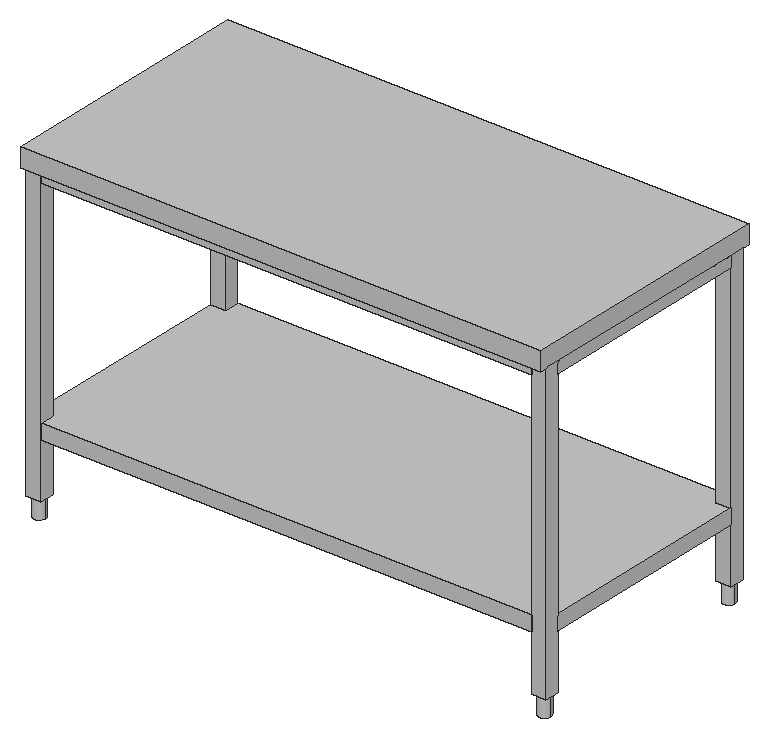
Revit family "QF_ELECTROLUXPROFESSIONAL_134086_LSGTG1400E", category Attrezzature speciali, Revit 2020
Family settings
  Quota connettore circolare = Usa diametro
  Tipo di parte = Normale
  Basato su piano di lavoro = No
  Sempre verticale = Sì
  Taglio con vuoti quando caricato = No
  Condiviso = No
  Punto di calcolo locali = No
Parameters (values of type "Standard")
  Weight = 46.50 kg
  Watts = 0 W
  Volts = 0 V
  URL Manufacturer = "https://www.electroluxprofessional.com/"
  URL = "https://www.electroluxprofessional.com/"
  Steam Supply Size = 0 mm
  Steam Supply Minimum Pressure = 0.0 Pa
  Steam Supply Maximum Pressure = 0.0 Pa
  Steam Consumption per Hour = 0
  Refrigeration Suction Line Size = 0.0 mm
  Refrigeration Liquid Line Size = 0.0 mm
  Refrigerant Compressor Remote = yes
  Prospetto di default = 0.0 mm
  Produttore = "Electrolux Professional"
  Phase = 0
  Modello = "LSGTG1400E"
  Length Actual = 1400.0 mm  # constant formula
  Item Number = "134086"
  Hot Water Size = 0 mm
  Height Actual = 900.0 mm  # constant formula
  HP = "0 HP"
  Gas Size = 0 mm
  Gas KW = 0
  Gas Input Pressure = 0 W
  Direct Waste Size = 0 mm
  Descrizione = "WORK TABLE 1400 MM WITH LOWER SHELF"
  Depth Actual = 700.0 mm  # constant formula
  Cycle = 0 Hz
  Condensate Return Size = 0 mm
  Compressed Air Volume = 0.0 L/s
  Compressed Air Size = 0 mm
  Compressed Air Pressure = 0.0 Pa
  Cold Water Size = 0 mm
  Accessory = yes
Reference planes
  plane 1 "Center (Front/Back)": y = 0
  plane 2: z = 0
  plane 3 "Center (Left/Right)": x = -200
  plane 4 "LEFT": x = -900
  plane 5 "RIGHT": x = 500
  plane 6 "BACK": y = 350
  plane 7 "FRONT": y = -350
  plane 8 "Base": z = 850
  plane 9 "TOP": z = 900
  plane 10: x = -880
  plane 11: x = 480
  plane 12: y = 310
  plane 13: y = -310
  plane 14 "TRAVERSI": z = 820
  plane 15: x = -860
  plane 16: x = 460
  plane 17: y = 290
  plane 18: y = -290
  plane 19: y = 330
  plane 20: y = -330
  plane 21 "Plane": z = 200
Forms (mm)
  Extrusion 1, solid, material "QF_Finishes_Stainless Steel"
    sketch origin (-200, 0, 0) x (0, 1, 0) y (0, 0, 1)
      loop
        line (-350, 850) -> (350, 850) -> (350, 900) -> (-350, 900) -> (-350, 850)
    from 700 to -700
  Extrusion 2, solid, material "QF_Finishes_Stainless Steel"
    sketch origin (0, 0, 820) x (0, 1, 0) y (-1, 0, 0)
      loop
        line (290, -460) -> (-290, -460) -> (-290, -500) -> (290, -500) -> (290, -460)
      loop
        line (290, 900) -> (-290, 900) -> (-290, 860) -> (290, 860) -> (290, 900)
    from 0 to 30
  Extrusion 3, solid, material "QF_Finishes_Stainless Steel"
    sketch origin (0, 0, 820) x (0, 1, 0) y (-1, 0, 0)
      loop
        line (330, -460) -> (330, 860) -> (290, 860) -> (290, -460) -> (330, -460)
      loop
        line (-290, 860) -> (-330, 860) -> (-330, -460) -> (-290, -460) -> (-290, 860)
    from 0 to 30
  Extrusion 4, solid, material "QF_Finishes_Stainless Steel"
    sketch origin (0, 0, 200) x (0, 1, 0) y (-1, 0, 0)
      loop
        line (290, 900) -> (-290, 900) -> (-290, 860) -> (-330, 860) -> (-330, -460) -> (-290, -460) -> (-290, -500) -> (290, -500) -> (290, -460) -> (330, -460) -> (330, 860) -> (290, 860) -> (290, 900)
    from 0 to 40
Lines and regions (mm)
  symbolic lines
    curve 1: line (500, 350, 900) -> (-900, 350, 900)
    curve 2: line (-900, 350, 900) -> (-900, -350, 900)
    curve 3: line (-900, -350, 900) -> (500, -350, 900)
    curve 4: line (500, -350, 900) -> (500, 350, 900)
Dimensions and locks
  plane 4 "LEFT" to plane 5 "RIGHT" = 1400.0 mm
  equal spacing: plane 4 "LEFT", plane 3 "Center (Left/Right)", plane 5 "RIGHT"
  locked: plane 8 "Base" to level at 850
  plane 4 "LEFT" to plane 10 = 20.0 mm
  plane 11 to plane 5 "RIGHT" = 20.0 mm
  plane 10 to plane 11 = 1360.0 mm
  locked: plane 9 "TOP" to level at 900
  plane 6 "BACK" to plane 12 = 40.0 mm
  plane 13 to plane 7 "FRONT" = 40.0 mm
  plane 6 "BACK" to plane 7 "FRONT" = 700.0 mm
  plane 12 to plane 13 = 620.0 mm
  equal spacing: plane 6 "BACK", plane 1 "Center (Front/Back)", plane 7 "FRONT"
  plane 8 "Base" to plane 14 "TRAVERSI" = 30.0 mm
  locked: plane 10 to plane 15 at 20
  locked: plane 16 to plane 11 at 20
  locked: plane 19 to plane 12 at 20
  locked: plane 12 to plane 17 at 20
  locked: plane 18 to plane 13 at 20
  locked: plane 13 to plane 20 at 20
  plane 21 "Plane" to level = 200.0 mm
  aligned and locked: level to plane 2
  aligned and locked: plane 10 to nested 1
  aligned and locked: nested 1 to plane 13
  aligned and locked: plane 11 to nested 2
  aligned and locked: nested 2 to plane 13
  aligned and locked: plane 11 to nested 4
  aligned and locked: nested 4 to plane 12
  aligned and locked: plane 10 to nested 3
  aligned and locked: nested 3 to plane 12
  aligned and locked: Extrusion 1 to plane 4 "LEFT"
  aligned and locked: plane 5 "RIGHT" to Extrusion 1
  aligned and locked: curve 2 to plane 4 "LEFT"
  aligned and locked: Extrusion 2 sketch curve to plane 5 "RIGHT"
  aligned and locked: Extrusion 2 sketch curve to plane 17  (x2)
  aligned and locked: plane 16 to Extrusion 2 sketch curve
  aligned and locked: plane 18 to Extrusion 2 sketch curve  (x2)
  aligned and locked: plane 4 "LEFT" to Extrusion 2 sketch curve
  aligned and locked: Extrusion 2 sketch curve to plane 15
  aligned and locked: plane 19 to Extrusion 3 sketch curve
  aligned and locked: Extrusion 3 sketch curve to plane 17
  aligned and locked: Extrusion 3 sketch curve to plane 18
  aligned and locked: plane 20 to Extrusion 3 sketch curve
  aligned and locked: Extrusion 3 sketch curve to plane 15
  aligned and locked: plane 15 to Extrusion 3 sketch curve
  aligned and locked: plane 16 to Extrusion 3 sketch curve
  aligned and locked: Extrusion 3 sketch curve to plane 16
  aligned and locked: Extrusion 4 sketch curve to plane 19
  aligned and locked: Extrusion 4 sketch curve to plane 5 "RIGHT"
  aligned and locked: Extrusion 4 sketch curve to plane 20
  aligned and locked: plane 4 "LEFT" to Extrusion 4 sketch curve
  aligned and locked: Extrusion 4 sketch curve to plane 17  (x2)
  aligned and locked: plane 15 to Extrusion 4 sketch curve
  aligned and locked: Extrusion 4 sketch curve to plane 16
  aligned and locked: Extrusion 4 sketch curve to plane 18  (x2)
  aligned and locked: plane 16 to Extrusion 4 sketch curve
  aligned and locked: Extrusion 4 sketch curve to plane 15
Automatic sketch dimensions
  Extrusion 1 sketch curve to plane 7 "FRONT" = 0.0 mm
  Extrusion 1 sketch curve to plane 8 "Base" = 0.0 mm
  curve 3 to plane 7 "FRONT" = 0.0 mm
  curve 4 to plane 6 "BACK" = 0.0 mm
  Extrusion 1 sketch curve to plane 9 "TOP" = 0.0 mm
  Extrusion 1 sketch curve to plane 6 "BACK" = 0.0 mm
  curve 4 to plane 5 "RIGHT" = 0.0 mm
Nested families
  nested 1: "FEET_40x40_P50" at (-880, -310, 0), type "FEET_40x40_P50"
  nested 2: "FEET_40x40_P50" at (480, -310, 0), type "FEET_40x40_P50"
  nested 3: "FEET_40x40_P50" at (-880, 310, 0), type "FEET_40x40_P50"
  nested 4: "FEET_40x40_P50" at (480, 310, 0), type "FEET_40x40_P50"
Definition of nested family "FEET_40x40_P50"
  Parameters
    Default Elevation = 0.0 mm
    FEET = 850.0 mm
  Reference planes
    plane 1 "Center (Front/Back)": y = 0
    plane 2: z = 0
    plane 3 "Center (Left/Right)": x = 0
    plane 4: z = 850
  Forms (mm)
    Extrusion 1, solid
      sketch origin (0, 0, 0) x (1, 0, 0) y (0, 1, 0)
        loop
          line (-20, -20) -> (20, -20) -> (20, 20) -> (-20, 20) -> (-20, -20)
      from 50 to 850
    Extrusion 2, solid
      sketch origin (0, 0, 0) x (1, 0, 0) y (0, 1, 0)
        loop
          circle (0, 0) r 16
      from 0 to 50
  Lines and regions (mm)
    symbolic lines
      curve 1: line (0, -1.503, 0) -> (0, 1.508, 0)
      curve 2: line (1.561, 0, 0) -> (-1.439, 0, 0)
  Dimensions and locks
    "FEET": plane 4 to plane 2
    aligned and locked: level to plane 2
  Automatic sketch dimensions
    Extrusion 1 sketch curve to plane 3 "Center (Left/Right)" = 20.0 mm
    plane 3 "Center (Left/Right)" to Extrusion 1 sketch curve = 20.0 mm
    plane 1 "Center (Front/Back)" to Extrusion 1 sketch curve = 20.0 mm
    Extrusion 1 sketch curve to plane 1 "Center (Front/Back)" = 20.0 mm
    plane 1 "Center (Front/Back)" to Extrusion 2 sketch curve = 0.0 mm
    Extrusion 2 sketch curve to plane 3 "Center (Left/Right)" = 0.0 mm
    plane 1 "Center (Front/Back)" to curve 2 = 0.0 mm
    curve 1 to plane 3 "Center (Left/Right)" = 0.0 mm
    curve 2 to plane 3 "Center (Left/Right)" = 1.439 mm
    plane 3 "Center (Left/Right)" to curve 2 = 1.561 mm
    plane 1 "Center (Front/Back)" to curve 1 = 1.503 mm
    curve 1 to plane 1 "Center (Front/Back)" = 1.508 mm
    radius of Extrusion 2 sketch curve = 16.0 mm
